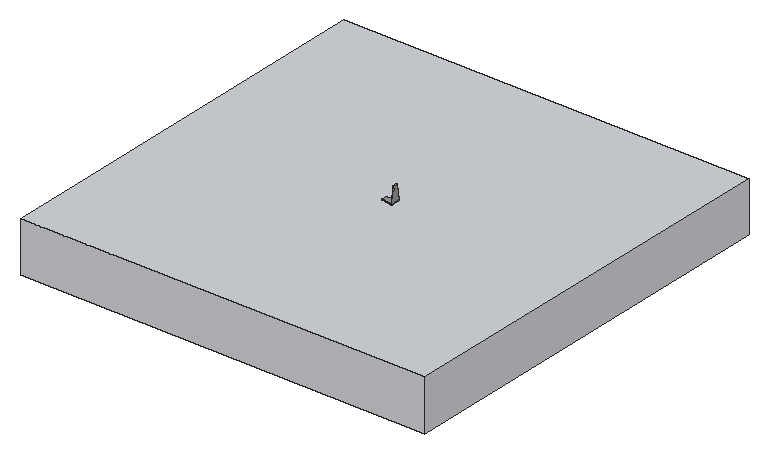
Revit family "LAMP_ACC WALL BRACKET 75MM", category Modelos genéricos, Revit 2015
Parameters (values of type "GREY")
  Weight = 0.302 kg
  Product datasheet = "https://www.lamp.es/product-files/TECH/F5FX75G-EN.pdf"
  Product code = "F5FX75G"
  Product URL = "https://www.lamp.es/en/accessory/acc-wall-bracket-75mm-gr_423700"
  Modelo = Product code  # "F5FX75G"
  Material = LAMP_Acero zincado
  Manufacturer name = "LAMP"
  Manufacturer country = "Spain"
  Manufacturer URL = "http://www.lamp.es/es"
  Last update = "30/09/2020"
  Finish = "Gloss grey"
  Fabricante = Manufacturer name  # "LAMP"
  Default Elevation = 1219.2 mm
  Dimensions = "92 x 3 x 63 mm"
  Comentarios de tipo = "ACC. WALL BRACKET 75MM GR."
  Accessory Type = "Assembly"
Types (3, lengths in mm): name | Product datasheet | Product code | Product URL | Modelo | Material | Finish | Comentarios de tipo
  (no name) | "https://www.lamp.es/product-files/TECH/F5FX75G-EN.pdf" | "F5FX75G" | "https://www.lamp.es/en/accessory/acc-wall-bracket-75mm-gr_423700" | "F5FX75G" | LAMP_Acero zincado | "Gloss grey" | "ACC. WALL BRACKET 75MM GR."
  GREY | "https://www.lamp.es/product-files/TECH/F5FX75G-EN.pdf" | "F5FX75G" | "https://www.lamp.es/en/accessory/acc-wall-bracket-75mm-gr_423700" | "F5FX75G" | LAMP_Acero zincado | "Gloss grey" | "ACC. WALL BRACKET 75MM GR."
  WHITE | "https://www.lamp.es/product-files/TECH/F5FX75W-EN.pdf" | "F5FX75W" | "https://www.lamp.es/en/accessory/acc-wall-bracket-75mm-wh_423699" | "F5FX75W" | LAMP_Acero zincado BL | "Matte white" | "ACC. WALL BRACKET 75MM WH."
Reference planes
  plane 1 "Centro (Frontal/Posterior)": y = 0
  plane 2: z = 0
  plane 3 "Centro (Izquierda/Derecha)": x = 0
Forms (mm)
  Extrusion 1, solid
    sketch origin (0, 0, 0) x (1, 0, 0) y (0, 1, 0)
      loop
        line (-1219.2, 1219.2) -> (-1219.2, -1219.2) -> (1219.2, -1219.2) -> (1219.2, 1219.2) -> (-1219.2, 1219.2)
    from 0 to -304.8
  Extrusion 2, solid, material "LAMP_Acero zincado" <- "Material"
    sketch origin (0, 0, 0) x (-1, 0, 0) y (0, 0, 1)
      loop
        line (0, 0) -> (0, 3) -> (-63, 3) -> (-63, 95) -> (-66, 95) -> (-66, 3)
        arc (-66, 3) -> (-65.121, 0.879) -> (-63, 0) r 3
        line (-63, 0) -> (0, 0)
    from -24.9 to 24.9
  Extrusion 3, void
    sketch origin (0, 0, 0) x (1, 0, 0) y (0, 1, 0)
      loop
        line (62, 24.9) -> (62, 25.9) -> (-1, 25.9) -> (-1, 13.633) -> (0, 13.633) -> (0, 14.633)
        arc (0, 14.633) -> (0.753, 16.621) -> (2.634, 17.611) r 3
        line (2.634, 17.611) -> (62, 24.9)
      loop
        line (62, -24.9) -> (2.634, -17.611)
        arc (2.634, -17.611) -> (0.753, -16.621) -> (0, -14.633) r 3
        line (0, -14.633) -> (0, -13.633) -> (-1, -13.633) -> (-1, -25.9) -> (62, -25.9) -> (62, -24.9)
    from 0 to 3
  Extrusion 4, void
    sketch origin (0, 0, 0) x (0, 1, 0) y (0, 0, 1)
      loop
        line (-24.9, 4) -> (-14.05, 92.366)
        arc (-14.05, 92.366) -> (-13.06, 94.247) -> (-11.072, 95) r 3
        line (-11.072, 95) -> (-10.072, 95) -> (-10.072, 96) -> (-25.9, 96) -> (-25.9, 4) -> (-24.9, 4)
      loop
        line (24.9, 4) -> (25.9, 4) -> (25.9, 96) -> (10.072, 96) -> (10.072, 95) -> (11.072, 95)
        arc (11.072, 95) -> (13.06, 94.247) -> (14.05, 92.366) r 3
        line (14.05, 92.366) -> (24.9, 4)
    from 63 to 66
Cuts and joins
  Extrusion 3, Extrusion 4 cuts Extrusion 2
Text (mm)
  text "Any modification of the parameters and properties of the LAMP BIM models must be executed and validated by the LAMP technical department.\n\nPhone: +34 93 736 68 00\n\nE-mail: lamp@lamp.es\n\n\n\nLAMP reserves the right to modify the technical specifications of its products." at (3900.588, -4201.3, -3618.501), in view "Preview"
Dimensions and locks
  aligned and locked: plane 2 to Extrusion 1
  aligned and locked: level to Extrusion 1
